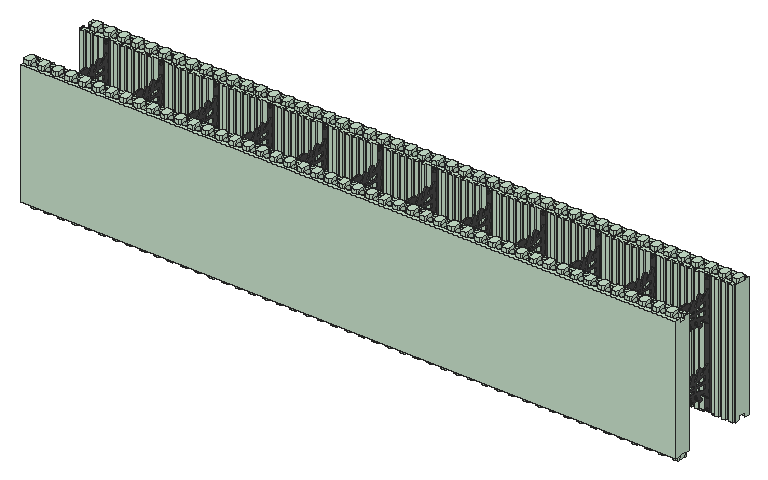
Revit family (continued)
Forms (in)
  Extrusion 100, void
    sketch origin (6, 0, 0) x (-1, 0, 0) y (0, -1, 0)
      loop
        arc (1.91675, 5.76455) -> (1.92106, 5.78736) -> (1.9334, 5.80702) r 0.0625
        arc (1.9334, 5.80702) -> (1.98276, 5.88568) -> (2, 5.97692) r 0.25
        line (2, 5.97692) -> (2, 6.89808)
        arc (2, 6.89808) -> (1.95215, 7.04517) -> (1.82692, 7.13595) r 0.25
        arc (1.82692, 7.13595) -> (1.5, 7.1875) -> (1.17308, 7.13595) r 1.0625
        arc (1.17308, 7.13595) -> (1.04785, 7.04517) -> (1, 6.89808) r 0.25
    from 0 to 0.5
  Extrusion 101, void
    sketch origin (8, 0, 0) x (-1, 0, 0) y (0, -1, 0)
      loop
        line (1, 6.89808) -> (1, 5.97692)
        arc (1, 5.97692) -> (1.04785, 5.82983) -> (1.17308, 5.73905) r 0.25
        arc (1.17308, 5.73905) -> (1.42092, 5.69045) -> (1.67323, 5.70172) r 1.0625
        arc (1.67323, 5.70172) -> (1.72385, 5.68771) -> (1.74592, 5.64005) r 0.0625
        line (1.74592, 5.64005) -> (1.74592, 5.41845) -> (1.91675, 5.41845) -> (1.91675, 5.76455)
        arc (1.91675, 5.76455) -> (1.92106, 5.78736) -> (1.9334, 5.80702) r 0.0625
        arc (1.9334, 5.80702) -> (1.98276, 5.88568) -> (2, 5.97692) r 0.25
        line (2, 5.97692) -> (2, 6.89808)
        arc (2, 6.89808) -> (1.95215, 7.04517) -> (1.82692, 7.13595) r 0.25
        arc (1.82692, 7.13595) -> (1.5, 7.1875) -> (1.17308, 7.13595) r 1.0625
        arc (1.17308, 7.13595) -> (1.04785, 7.04517) -> (1, 6.89808) r 0.25
    from 0 to 0.5
  Extrusion 102, void
    sketch origin (10, 0, 0) x (-1, 0, 0) y (0, -1, 0)
      loop
        line (1, 6.89808) -> (1, 5.97692)
        arc (1, 5.97692) -> (1.04785, 5.82983) -> (1.17308, 5.73905) r 0.25
        arc (1.17308, 5.73905) -> (1.42092, 5.69045) -> (1.67323, 5.70172) r 1.0625
        arc (1.67323, 5.70172) -> (1.72385, 5.68771) -> (1.74592, 5.64005) r 0.0625
        line (1.74592, 5.64005) -> (1.74592, 5.41845) -> (1.91675, 5.41845) -> (1.91675, 5.76455)
        arc (1.91675, 5.76455) -> (1.92106, 5.78736) -> (1.9334, 5.80702) r 0.0625
        arc (1.9334, 5.80702) -> (1.98276, 5.88568) -> (2, 5.97692) r 0.25
        line (2, 5.97692) -> (2, 6.89808)
        arc (2, 6.89808) -> (1.95215, 7.04517) -> (1.82692, 7.13595) r 0.25
        arc (1.82692, 7.13595) -> (1.5, 7.1875) -> (1.17308, 7.13595) r 1.0625
        arc (1.17308, 7.13595) -> (1.04785, 7.04517) -> (1, 6.89808) r 0.25
    from 0 to 0.5
  Extrusion 103, void
    sketch origin (12, 0, 0) x (-1, 0, 0) y (0, -1, 0)
      loop
        line (1, 6.89808) -> (1, 5.97692)
        arc (1, 5.97692) -> (1.04785, 5.82983) -> (1.17308, 5.73905) r 0.25
        arc (1.17308, 5.73905) -> (1.42092, 5.69045) -> (1.67323, 5.70172) r 1.0625
        arc (1.67323, 5.70172) -> (1.72385, 5.68771) -> (1.74592, 5.64005) r 0.0625
        line (1.74592, 5.64005) -> (1.74592, 5.41845) -> (1.91675, 5.41845) -> (1.91675, 5.76455)
        arc (1.91675, 5.76455) -> (1.92106, 5.78736) -> (1.9334, 5.80702) r 0.0625
        arc (1.9334, 5.80702) -> (1.98276, 5.88568) -> (2, 5.97692) r 0.25
        line (2, 5.97692) -> (2, 6.89808)
        arc (2, 6.89808) -> (1.95215, 7.04517) -> (1.82692, 7.13595) r 0.25
        arc (1.82692, 7.13595) -> (1.5, 7.1875) -> (1.17308, 7.13595) r 1.0625
        arc (1.17308, 7.13595) -> (1.04785, 7.04517) -> (1, 6.89808) r 0.25
    from 0 to 0.5
  Extrusion 104, void
    sketch origin (14, 0, 0) x (-1, 0, 0) y (0, -1, 0)
      loop
        line (1, 6.89808) -> (1, 5.97692)
        arc (1, 5.97692) -> (1.04785, 5.82983) -> (1.17308, 5.73905) r 0.25
        arc (1.17308, 5.73905) -> (1.42092, 5.69045) -> (1.67323, 5.70172) r 1.0625
        arc (1.67323, 5.70172) -> (1.72385, 5.68771) -> (1.74592, 5.64005) r 0.0625
        line (1.74592, 5.64005) -> (1.74592, 5.41845) -> (1.91675, 5.41845) -> (1.91675, 5.76455)
        arc (1.91675, 5.76455) -> (1.92106, 5.78736) -> (1.9334, 5.80702) r 0.0625
        arc (1.9334, 5.80702) -> (1.98276, 5.88568) -> (2, 5.97692) r 0.25
        line (2, 5.97692) -> (2, 6.89808)
        arc (2, 6.89808) -> (1.95215, 7.04517) -> (1.82692, 7.13595) r 0.25
        arc (1.82692, 7.13595) -> (1.5, 7.1875) -> (1.17308, 7.13595) r 1.0625
        arc (1.17308, 7.13595) -> (1.04785, 7.04517) -> (1, 6.89808) r 0.25
    from 0 to 0.5
  Extrusion 105, void
    sketch origin (16, 0, 0) x (-1, 0, 0) y (0, -1, 0)
      loop
        line (1, 6.89808) -> (1, 5.97692)
        arc (1, 5.97692) -> (1.04785, 5.82983) -> (1.17308, 5.73905) r 0.25
        arc (1.17308, 5.73905) -> (1.42092, 5.69045) -> (1.67323, 5.70172) r 1.0625
        arc (1.67323, 5.70172) -> (1.72385, 5.68771) -> (1.74592, 5.64005) r 0.0625
        line (1.74592, 5.64005) -> (1.74592, 5.41845) -> (1.91675, 5.41845) -> (1.91675, 5.76455)
        arc (1.91675, 5.76455) -> (1.92106, 5.78736) -> (1.9334, 5.80702) r 0.0625
        arc (1.9334, 5.80702) -> (1.98276, 5.88568) -> (2, 5.97692) r 0.25
        line (2, 5.97692) -> (2, 6.89808)
        arc (2, 6.89808) -> (1.95215, 7.04517) -> (1.82692, 7.13595) r 0.25
        arc (1.82692, 7.13595) -> (1.5, 7.1875) -> (1.17308, 7.13595) r 1.0625
        arc (1.17308, 7.13595) -> (1.04785, 7.04517) -> (1, 6.89808) r 0.25
    from 0 to 0.5
  Extrusion 106, void
    sketch origin (18, 0, 0) x (-1, 0, 0) y (0, -1, 0)
      loop
        line (1, 6.89808) -> (1, 5.97692)
        arc (1, 5.97692) -> (1.04785, 5.82983) -> (1.17308, 5.73905) r 0.25
        arc (1.17308, 5.73905) -> (1.42092, 5.69045) -> (1.67323, 5.70172) r 1.0625
        arc (1.67323, 5.70172) -> (1.72385, 5.68771) -> (1.74592, 5.64005) r 0.0625
        line (1.74592, 5.64005) -> (1.74592, 5.41845) -> (1.91675, 5.41845) -> (1.91675, 5.76455)
        arc (1.91675, 5.76455) -> (1.92106, 5.78736) -> (1.9334, 5.80702) r 0.0625
        arc (1.9334, 5.80702) -> (1.98276, 5.88568) -> (2, 5.97692) r 0.25
        line (2, 5.97692) -> (2, 6.89808)
        arc (2, 6.89808) -> (1.95215, 7.04517) -> (1.82692, 7.13595) r 0.25
        arc (1.82692, 7.13595) -> (1.5, 7.1875) -> (1.17308, 7.13595) r 1.0625
        arc (1.17308, 7.13595) -> (1.04785, 7.04517) -> (1, 6.89808) r 0.25
    from 0 to 0.5
  Extrusion 107, void
    sketch origin (20, 0, 0) x (-1, 0, 0) y (0, -1, 0)
      loop
        line (1, 6.89808) -> (1, 5.97692)
        arc (1, 5.97692) -> (1.04785, 5.82983) -> (1.17308, 5.73905) r 0.25
        arc (1.17308, 5.73905) -> (1.42092, 5.69045) -> (1.67323, 5.70172) r 1.0625
        arc (1.67323, 5.70172) -> (1.72385, 5.68771) -> (1.74592, 5.64005) r 0.0625
        line (1.74592, 5.64005) -> (1.74592, 5.41845) -> (1.91675, 5.41845) -> (1.91675, 5.76455)
        arc (1.91675, 5.76455) -> (1.92106, 5.78736) -> (1.9334, 5.80702) r 0.0625
        arc (1.9334, 5.80702) -> (1.98276, 5.88568) -> (2, 5.97692) r 0.25
        line (2, 5.97692) -> (2, 6.89808)
        arc (2, 6.89808) -> (1.95215, 7.04517) -> (1.82692, 7.13595) r 0.25
        arc (1.82692, 7.13595) -> (1.5, 7.1875) -> (1.17308, 7.13595) r 1.0625
        arc (1.17308, 7.13595) -> (1.04785, 7.04517) -> (1, 6.89808) r 0.25
    from 0 to 0.5
  Extrusion 108, void
    sketch origin (22, 0, 0) x (-1, 0, 0) y (0, -1, 0)
      loop
        line (1, 6.89808) -> (1, 5.97692)
        arc (1, 5.97692) -> (1.04785, 5.82983) -> (1.17308, 5.73905) r 0.25
        arc (1.17308, 5.73905) -> (1.42092, 5.69045) -> (1.67323, 5.70172) r 1.0625
        arc (1.67323, 5.70172) -> (1.72385, 5.68771) -> (1.74592, 5.64005) r 0.0625
        line (1.74592, 5.64005) -> (1.74592, 5.41845) -> (1.91675, 5.41845) -> (1.91675, 5.76455)
        arc (1.91675, 5.76455) -> (1.92106, 5.78736) -> (1.9334, 5.80702) r 0.0625
        arc (1.9334, 5.80702) -> (1.98276, 5.88568) -> (2, 5.97692) r 0.25
        line (2, 5.97692) -> (2, 6.89808)
        arc (2, 6.89808) -> (1.95215, 7.04517) -> (1.82692, 7.13595) r 0.25
        arc (1.82692, 7.13595) -> (1.5, 7.1875) -> (1.17308, 7.13595) r 1.0625
        arc (1.17308, 7.13595) -> (1.04785, 7.04517) -> (1, 6.89808) r 0.25
    from 0 to 0.5
  Extrusion 109, void
    sketch origin (24, 0, 0) x (-1, 0, 0) y (0, -1, 0)
      loop
        line (1, 6.89808) -> (1, 5.97692)
        arc (1, 5.97692) -> (1.04785, 5.82983) -> (1.17308, 5.73905) r 0.25
        arc (1.17308, 5.73905) -> (1.42092, 5.69045) -> (1.67323, 5.70172) r 1.0625
        arc (1.67323, 5.70172) -> (1.72385, 5.68771) -> (1.74592, 5.64005) r 0.0625
        line (1.74592, 5.64005) -> (1.74592, 5.41845) -> (1.91675, 5.41845) -> (1.91675, 5.76455)
        arc (1.91675, 5.76455) -> (1.92106, 5.78736) -> (1.9334, 5.80702) r 0.0625
        arc (1.9334, 5.80702) -> (1.98276, 5.88568) -> (2, 5.97692) r 0.25
        line (2, 5.97692) -> (2, 6.89808)
        arc (2, 6.89808) -> (1.95215, 7.04517) -> (1.82692, 7.13595) r 0.25
        arc (1.82692, 7.13595) -> (1.5, 7.1875) -> (1.17308, 7.13595) r 1.0625
        arc (1.17308, 7.13595) -> (1.04785, 7.04517) -> (1, 6.89808) r 0.25
    from 0 to 0.5
  Extrusion 110, void
    sketch origin (26, 0, 0) x (-1, 0, 0) y (0, -1, 0)
      loop
        line (1, 6.89808) -> (1, 5.97692)
        arc (1, 5.97692) -> (1.04785, 5.82983) -> (1.17308, 5.73905) r 0.25
        arc (1.17308, 5.73905) -> (1.42092, 5.69045) -> (1.67323, 5.70172) r 1.0625
        arc (1.67323, 5.70172) -> (1.72385, 5.68771) -> (1.74592, 5.64005) r 0.0625
        line (1.74592, 5.64005) -> (1.74592, 5.41845) -> (1.91675, 5.41845) -> (1.91675, 5.76455)
        arc (1.91675, 5.76455) -> (1.92106, 5.78736) -> (1.9334, 5.80702) r 0.0625
        arc (1.9334, 5.80702) -> (1.98276, 5.88568) -> (2, 5.97692) r 0.25
        line (2, 5.97692) -> (2, 6.89808)
        arc (2, 6.89808) -> (1.95215, 7.04517) -> (1.82692, 7.13595) r 0.25
        arc (1.82692, 7.13595) -> (1.5, 7.1875) -> (1.17308, 7.13595) r 1.0625
        arc (1.17308, 7.13595) -> (1.04785, 7.04517) -> (1, 6.89808) r 0.25
    from 0 to 0.5
  Extrusion 111, void
    sketch origin (28, 0, 0) x (-1, 0, 0) y (0, -1, 0)
      loop
        line (1, 6.89808) -> (1, 5.97692)
        arc (1, 5.97692) -> (1.04785, 5.82983) -> (1.17308, 5.73905) r 0.25
        arc (1.17308, 5.73905) -> (1.42092, 5.69045) -> (1.67323, 5.70172) r 1.0625
        arc (1.67323, 5.70172) -> (1.72385, 5.68771) -> (1.74592, 5.64005) r 0.0625
        line (1.74592, 5.64005) -> (1.74592, 5.41845) -> (1.91675, 5.41845) -> (1.91675, 5.76455)
        arc (1.91675, 5.76455) -> (1.92106, 5.78736) -> (1.9334, 5.80702) r 0.0625
        arc (1.9334, 5.80702) -> (1.98276, 5.88568) -> (2, 5.97692) r 0.25
        line (2, 5.97692) -> (2, 6.89808)
        arc (2, 6.89808) -> (1.95215, 7.04517) -> (1.82692, 7.13595) r 0.25
        arc (1.82692, 7.13595) -> (1.5, 7.1875) -> (1.17308, 7.13595) r 1.0625
        arc (1.17308, 7.13595) -> (1.04785, 7.04517) -> (1, 6.89808) r 0.25
    from 0 to 0.5
  Extrusion 112, void
    sketch origin (30, 0, 0) x (-1, 0, 0) y (0, -1, 0)
      loop
        line (1, 6.89808) -> (1, 5.97692)
        arc (1, 5.97692) -> (1.04785, 5.82983) -> (1.17308, 5.73905) r 0.25
        arc (1.17308, 5.73905) -> (1.42092, 5.69045) -> (1.67323, 5.70172) r 1.0625
        arc (1.67323, 5.70172) -> (1.72385, 5.68771) -> (1.74592, 5.64005) r 0.0625
        line (1.74592, 5.64005) -> (1.74592, 5.41845) -> (1.91675, 5.41845) -> (1.91675, 5.76455)
        arc (1.91675, 5.76455) -> (1.92106, 5.78736) -> (1.9334, 5.80702) r 0.0625
        arc (1.9334, 5.80702) -> (1.98276, 5.88568) -> (2, 5.97692) r 0.25
        line (2, 5.97692) -> (2, 6.89808)
        arc (2, 6.89808) -> (1.95215, 7.04517) -> (1.82692, 7.13595) r 0.25
        arc (1.82692, 7.13595) -> (1.5, 7.1875) -> (1.17308, 7.13595) r 1.0625
        arc (1.17308, 7.13595) -> (1.04785, 7.04517) -> (1, 6.89808) r 0.25
    from 0 to 0.5
  Extrusion 113, void
    sketch origin (32, 0, 0) x (-1, 0, 0) y (0, -1, 0)
      loop
        line (1, 6.89808) -> (1, 5.97692)
        arc (1, 5.97692) -> (1.04785, 5.82983) -> (1.17308, 5.73905) r 0.25
        arc (1.17308, 5.73905) -> (1.42092, 5.69045) -> (1.67323, 5.70172) r 1.0625
        arc (1.67323, 5.70172) -> (1.72385, 5.68771) -> (1.74592, 5.64005) r 0.0625
        line (1.74592, 5.64005) -> (1.74592, 5.41845) -> (1.91675, 5.41845) -> (1.91675, 5.76455)
        arc (1.91675, 5.76455) -> (1.92106, 5.78736) -> (1.9334, 5.80702) r 0.0625
        arc (1.9334, 5.80702) -> (1.98276, 5.88568) -> (2, 5.97692) r 0.25
        line (2, 5.97692) -> (2, 6.89808)
        arc (2, 6.89808) -> (1.95215, 7.04517) -> (1.82692, 7.13595) r 0.25
        arc (1.82692, 7.13595) -> (1.5, 7.1875) -> (1.17308, 7.13595) r 1.0625
        arc (1.17308, 7.13595) -> (1.04785, 7.04517) -> (1, 6.89808) r 0.25
    from 0 to 0.5
  Extrusion 114, void
    sketch origin (34, 0, 0) x (-1, 0, 0) y (0, -1, 0)
      loop
        line (1, 6.89808) -> (1, 5.97692)
        arc (1, 5.97692) -> (1.04785, 5.82983) -> (1.17308, 5.73905) r 0.25
        arc (1.17308, 5.73905) -> (1.42092, 5.69045) -> (1.67323, 5.70172) r 1.0625
        arc (1.67323, 5.70172) -> (1.72385, 5.68771) -> (1.74592, 5.64005) r 0.0625
        line (1.74592, 5.64005) -> (1.74592, 5.41845) -> (1.91675, 5.41845) -> (1.91675, 5.76455)
        arc (1.91675, 5.76455) -> (1.92106, 5.78736) -> (1.9334, 5.80702) r 0.0625
        arc (1.9334, 5.80702) -> (1.98276, 5.88568) -> (2, 5.97692) r 0.25
        line (2, 5.97692) -> (2, 6.89808)
        arc (2, 6.89808) -> (1.95215, 7.04517) -> (1.82692, 7.13595) r 0.25
        arc (1.82692, 7.13595) -> (1.5, 7.1875) -> (1.17308, 7.13595) r 1.0625
        arc (1.17308, 7.13595) -> (1.04785, 7.04517) -> (1, 6.89808) r 0.25
    from 0 to 0.5
  Extrusion 115, void
    sketch origin (36, 0, 0) x (-1, 0, 0) y (0, -1, 0)
      loop
        line (1, 6.89808) -> (1, 5.97692)
        arc (1, 5.97692) -> (1.04785, 5.82983) -> (1.17308, 5.73905) r 0.25
        arc (1.17308, 5.73905) -> (1.42092, 5.69045) -> (1.67323, 5.70172) r 1.0625
        arc (1.67323, 5.70172) -> (1.72385, 5.68771) -> (1.74592, 5.64005) r 0.0625
        line (1.74592, 5.64005) -> (1.74592, 5.41845) -> (1.91675, 5.41845) -> (1.91675, 5.76455)
        arc (1.91675, 5.76455) -> (1.92106, 5.78736) -> (1.9334, 5.80702) r 0.0625
        arc (1.9334, 5.80702) -> (1.98276, 5.88568) -> (2, 5.97692) r 0.25
        line (2, 5.97692) -> (2, 6.89808)
        arc (2, 6.89808) -> (1.95215, 7.04517) -> (1.82692, 7.13595) r 0.25
        arc (1.82692, 7.13595) -> (1.5, 7.1875) -> (1.17308, 7.13595) r 1.0625
        arc (1.17308, 7.13595) -> (1.04785, 7.04517) -> (1, 6.89808) r 0.25
    from 0 to 0.5
  Extrusion 116, void
    sketch origin (38, 0, 0) x (-1, 0, 0) y (0, -1, 0)
      loop
        line (1, 6.89808) -> (1, 5.97692)
        arc (1, 5.97692) -> (1.04785, 5.82983) -> (1.17308, 5.73905) r 0.25
        arc (1.17308, 5.73905) -> (1.42092, 5.69045) -> (1.67323, 5.70172) r 1.0625
        arc (1.67323, 5.70172) -> (1.72385, 5.68771) -> (1.74592, 5.64005) r 0.0625
        line (1.74592, 5.64005) -> (1.74592, 5.41845) -> (1.91675, 5.41845) -> (1.91675, 5.76455)
        arc (1.91675, 5.76455) -> (1.92106, 5.78736) -> (1.9334, 5.80702) r 0.0625
        arc (1.9334, 5.80702) -> (1.98276, 5.88568) -> (2, 5.97692) r 0.25
        line (2, 5.97692) -> (2, 6.89808)
        arc (2, 6.89808) -> (1.95215, 7.04517) -> (1.82692, 7.13595) r 0.25
        arc (1.82692, 7.13595) -> (1.5, 7.1875) -> (1.17308, 7.13595) r 1.0625
        arc (1.17308, 7.13595) -> (1.04785, 7.04517) -> (1, 6.89808) r 0.25
    from 0 to 0.5
  Extrusion 117, void
    sketch origin (40, 0, 0) x (-1, 0, 0) y (0, -1, 0)
      loop
        line (1, 6.89808) -> (1, 5.97692)
        arc (1, 5.97692) -> (1.04785, 5.82983) -> (1.17308, 5.73905) r 0.25
        arc (1.17308, 5.73905) -> (1.42092, 5.69045) -> (1.67323, 5.70172) r 1.0625
        arc (1.67323, 5.70172) -> (1.72385, 5.68771) -> (1.74592, 5.64005) r 0.0625
        line (1.74592, 5.64005) -> (1.74592, 5.41845) -> (1.91675, 5.41845) -> (1.91675, 5.76455)
        arc (1.91675, 5.76455) -> (1.92106, 5.78736) -> (1.9334, 5.80702) r 0.0625
        arc (1.9334, 5.80702) -> (1.98276, 5.88568) -> (2, 5.97692) r 0.25
        line (2, 5.97692) -> (2, 6.89808)
        arc (2, 6.89808) -> (1.95215, 7.04517) -> (1.82692, 7.13595) r 0.25
        arc (1.82692, 7.13595) -> (1.5, 7.1875) -> (1.17308, 7.13595) r 1.0625
        arc (1.17308, 7.13595) -> (1.04785, 7.04517) -> (1, 6.89808) r 0.25
    from 0 to 0.5
  Extrusion 118, void
    sketch origin (42, 0, 0) x (-1, 0, 0) y (0, -1, 0)
      loop
        line (1, 6.89808) -> (1, 5.97692)
        arc (1, 5.97692) -> (1.04785, 5.82983) -> (1.17308, 5.73905) r 0.25
        arc (1.17308, 5.73905) -> (1.42092, 5.69045) -> (1.67323, 5.70172) r 1.0625
        arc (1.67323, 5.70172) -> (1.72385, 5.68771) -> (1.74592, 5.64005) r 0.0625
        line (1.74592, 5.64005) -> (1.74592, 5.41845) -> (1.91675, 5.41845) -> (1.91675, 5.76455)
        arc (1.91675, 5.76455) -> (1.92106, 5.78736) -> (1.9334, 5.80702) r 0.0625
        arc (1.9334, 5.80702) -> (1.98276, 5.88568) -> (2, 5.97692) r 0.25
        line (2, 5.97692) -> (2, 6.89808)
        arc (2, 6.89808) -> (1.95215, 7.04517) -> (1.82692, 7.13595) r 0.25
        arc (1.82692, 7.13595) -> (1.5, 7.1875) -> (1.17308, 7.13595) r 1.0625
        arc (1.17308, 7.13595) -> (1.04785, 7.04517) -> (1, 6.89808) r 0.25
    from 0 to 0.5
  Extrusion 119, void
    sketch origin (44, 0, 0) x (-1, 0, 0) y (0, -1, 0)
      loop
        line (1, 6.89808) -> (1, 5.97692)
        arc (1, 5.97692) -> (1.04785, 5.82983) -> (1.17308, 5.73905) r 0.25
        arc (1.17308, 5.73905) -> (1.42092, 5.69045) -> (1.67323, 5.70172) r 1.0625
        arc (1.67323, 5.70172) -> (1.72385, 5.68771) -> (1.74592, 5.64005) r 0.0625
        line (1.74592, 5.64005) -> (1.74592, 5.41845) -> (1.91675, 5.41845) -> (1.91675, 5.76455)
        arc (1.91675, 5.76455) -> (1.92106, 5.78736) -> (1.9334, 5.80702) r 0.0625
        arc (1.9334, 5.80702) -> (1.98276, 5.88568) -> (2, 5.97692) r 0.25
        line (2, 5.97692) -> (2, 6.89808)
        arc (2, 6.89808) -> (1.95215, 7.04517) -> (1.82692, 7.13595) r 0.25
        arc (1.82692, 7.13595) -> (1.5, 7.1875) -> (1.17308, 7.13595) r 1.0625
        arc (1.17308, 7.13595) -> (1.04785, 7.04517) -> (1, 6.89808) r 0.25
    from 0 to 0.5
  Extrusion 120, void
    sketch origin (46, 0, 0) x (-1, 0, 0) y (0, -1, 0)
      loop
        line (1, 6.89808) -> (1, 5.97692)
        arc (1, 5.97692) -> (1.04785, 5.82983) -> (1.17308, 5.73905) r 0.25
        arc (1.17308, 5.73905) -> (1.42092, 5.69045) -> (1.67323, 5.70172) r 1.0625
        arc (1.67323, 5.70172) -> (1.72385, 5.68771) -> (1.74592, 5.64005) r 0.0625
        line (1.74592, 5.64005) -> (1.74592, 5.41845) -> (1.91675, 5.41845) -> (1.91675, 5.76455)
        arc (1.91675, 5.76455) -> (1.92106, 5.78736) -> (1.9334, 5.80702) r 0.0625
        arc (1.9334, 5.80702) -> (1.98276, 5.88568) -> (2, 5.97692) r 0.25
        line (2, 5.97692) -> (2, 6.89808)
        arc (2, 6.89808) -> (1.95215, 7.04517) -> (1.82692, 7.13595) r 0.25
        arc (1.82692, 7.13595) -> (1.5, 7.1875) -> (1.17308, 7.13595) r 1.0625
        arc (1.17308, 7.13595) -> (1.04785, 7.04517) -> (1, 6.89808) r 0.25
    from 0 to 0.5
  Extrusion 121, void
    sketch origin (48, 0, 0) x (-1, 0, 0) y (0, -1, 0)
      loop
        line (1, 6.89808) -> (1, 5.97692)
        arc (1, 5.97692) -> (1.04785, 5.82983) -> (1.17308, 5.73905) r 0.25
        arc (1.17308, 5.73905) -> (1.42092, 5.69045) -> (1.67323, 5.70172) r 1.0625
        arc (1.67323, 5.70172) -> (1.72385, 5.68771) -> (1.74592, 5.64005) r 0.0625
        line (1.74592, 5.64005) -> (1.74592, 5.41845) -> (1.91675, 5.41845) -> (1.91675, 5.76455)
        arc (1.91675, 5.76455) -> (1.92106, 5.78736) -> (1.9334, 5.80702) r 0.0625
        arc (1.9334, 5.80702) -> (1.98276, 5.88568) -> (2, 5.97692) r 0.25
        line (2, 5.97692) -> (2, 6.89808)
        arc (2, 6.89808) -> (1.95215, 7.04517) -> (1.82692, 7.13595) r 0.25
        arc (1.82692, 7.13595) -> (1.5, 7.1875) -> (1.17308, 7.13595) r 1.0625
        arc (1.17308, 7.13595) -> (1.04785, 7.04517) -> (1, 6.89808) r 0.25
    from 0 to 0.5
  Extrusion 122, void
    sketch origin (50, 0, 0) x (-1, 0, 0) y (0, -1, 0)
      loop
        line (1, 6.89808) -> (1, 5.97692)
        arc (1, 5.97692) -> (1.04785, 5.82983) -> (1.17308, 5.73905) r 0.25
        arc (1.17308, 5.73905) -> (1.42092, 5.69045) -> (1.67323, 5.70172) r 1.0625
        arc (1.67323, 5.70172) -> (1.72385, 5.68771) -> (1.74592, 5.64005) r 0.0625
        line (1.74592, 5.64005) -> (1.74592, 5.41845) -> (1.91675, 5.41845) -> (1.91675, 5.76455)
        arc (1.91675, 5.76455) -> (1.92106, 5.78736) -> (1.9334, 5.80702) r 0.0625
        arc (1.9334, 5.80702) -> (1.98276, 5.88568) -> (2, 5.97692) r 0.25
        line (2, 5.97692) -> (2, 6.89808)
        arc (2, 6.89808) -> (1.95215, 7.04517) -> (1.82692, 7.13595) r 0.25
        arc (1.82692, 7.13595) -> (1.5, 7.1875) -> (1.17308, 7.13595) r 1.0625
        arc (1.17308, 7.13595) -> (1.04785, 7.04517) -> (1, 6.89808) r 0.25
    from 0 to 0.5
  Extrusion 123, void
    sketch origin (52, 0, 0) x (-1, 0, 0) y (0, -1, 0)
      loop
        line (1, 6.89808) -> (1, 5.97692)
        arc (1, 5.97692) -> (1.04785, 5.82983) -> (1.17308, 5.73905) r 0.25
        arc (1.17308, 5.73905) -> (1.42092, 5.69045) -> (1.67323, 5.70172) r 1.0625
        arc (1.67323, 5.70172) -> (1.72385, 5.68771) -> (1.74592, 5.64005) r 0.0625
        line (1.74592, 5.64005) -> (1.74592, 5.41845) -> (1.91675, 5.41845) -> (1.91675, 5.76455)
        arc (1.91675, 5.76455) -> (1.92106, 5.78736) -> (1.9334, 5.80702) r 0.0625
        arc (1.9334, 5.80702) -> (1.98276, 5.88568) -> (2, 5.97692) r 0.25
        line (2, 5.97692) -> (2, 6.89808)
        arc (2, 6.89808) -> (1.95215, 7.04517) -> (1.82692, 7.13595) r 0.25
        arc (1.82692, 7.13595) -> (1.5, 7.1875) -> (1.17308, 7.13595) r 1.0625
        arc (1.17308, 7.13595) -> (1.04785, 7.04517) -> (1, 6.89808) r 0.25
    from 0 to 0.5
  Extrusion 124, void
    sketch origin (54, 0, 0) x (-1, 0, 0) y (0, -1, 0)
      loop
        line (1, 6.89808) -> (1, 5.97692)
        arc (1, 5.97692) -> (1.04785, 5.82983) -> (1.17308, 5.73905) r 0.25
        arc (1.17308, 5.73905) -> (1.42092, 5.69045) -> (1.67323, 5.70172) r 1.0625
        arc (1.67323, 5.70172) -> (1.72385, 5.68771) -> (1.74592, 5.64005) r 0.0625
        line (1.74592, 5.64005) -> (1.74592, 5.41845) -> (1.91675, 5.41845) -> (1.91675, 5.76455)
        arc (1.91675, 5.76455) -> (1.92106, 5.78736) -> (1.9334, 5.80702) r 0.0625
        arc (1.9334, 5.80702) -> (1.98276, 5.88568) -> (2, 5.97692) r 0.25
        line (2, 5.97692) -> (2, 6.89808)
        arc (2, 6.89808) -> (1.95215, 7.04517) -> (1.82692, 7.13595) r 0.25
        arc (1.82692, 7.13595) -> (1.5, 7.1875) -> (1.17308, 7.13595) r 1.0625
        arc (1.17308, 7.13595) -> (1.04785, 7.04517) -> (1, 6.89808) r 0.25
    from 0 to 0.5
  Extrusion 125, void
    sketch origin (56, 0, 0) x (-1, 0, 0) y (0, -1, 0)
      loop
        line (1, 6.89808) -> (1, 5.97692)
        arc (1, 5.97692) -> (1.04785, 5.82983) -> (1.17308, 5.73905) r 0.25
        arc (1.17308, 5.73905) -> (1.42092, 5.69045) -> (1.67323, 5.70172) r 1.0625
        arc (1.67323, 5.70172) -> (1.72385, 5.68771) -> (1.74592, 5.64005) r 0.0625
        line (1.74592, 5.64005) -> (1.74592, 5.41845) -> (1.91675, 5.41845) -> (1.91675, 5.76455)
        arc (1.91675, 5.76455) -> (1.92106, 5.78736) -> (1.9334, 5.80702) r 0.0625
        arc (1.9334, 5.80702) -> (1.98276, 5.88568) -> (2, 5.97692) r 0.25
        line (2, 5.97692) -> (2, 6.89808)
        arc (2, 6.89808) -> (1.95215, 7.04517) -> (1.82692, 7.13595) r 0.25
        arc (1.82692, 7.13595) -> (1.5, 7.1875) -> (1.17308, 7.13595) r 1.0625
        arc (1.17308, 7.13595) -> (1.04785, 7.04517) -> (1, 6.89808) r 0.25
    from 0 to 0.5
  Extrusion 126, void
    sketch origin (58, 0, 0) x (-1, 0, 0) y (0, -1, 0)
      loop
        line (1, 6.89808) -> (1, 5.97692)
        arc (1, 5.97692) -> (1.04785, 5.82983) -> (1.17308, 5.73905) r 0.25
        arc (1.17308, 5.73905) -> (1.42092, 5.69045) -> (1.67323, 5.70172) r 1.0625
        arc (1.67323, 5.70172) -> (1.72385, 5.68771) -> (1.74592, 5.64005) r 0.0625
        line (1.74592, 5.64005) -> (1.74592, 5.41845) -> (1.91675, 5.41845) -> (1.91675, 5.76455)
        arc (1.91675, 5.76455) -> (1.92106, 5.78736) -> (1.9334, 5.80702) r 0.0625
        arc (1.9334, 5.80702) -> (1.98276, 5.88568) -> (2, 5.97692) r 0.25
        line (2, 5.97692) -> (2, 6.89808)
        arc (2, 6.89808) -> (1.95215, 7.04517) -> (1.82692, 7.13595) r 0.25
        arc (1.82692, 7.13595) -> (1.5, 7.1875) -> (1.17308, 7.13595) r 1.0625
        arc (1.17308, 7.13595) -> (1.04785, 7.04517) -> (1, 6.89808) r 0.25
    from 0 to 0.5
  Extrusion 127, void
    sketch origin (60, 0, 0) x (-1, 0, 0) y (0, -1, 0)
      loop
        line (1, 6.89808) -> (1, 5.97692)
        arc (1, 5.97692) -> (1.04785, 5.82983) -> (1.17308, 5.73905) r 0.25
        arc (1.17308, 5.73905) -> (1.42092, 5.69045) -> (1.67323, 5.70172) r 1.0625
        arc (1.67323, 5.70172) -> (1.72385, 5.68771) -> (1.74592, 5.64005) r 0.0625
        line (1.74592, 5.64005) -> (1.74592, 5.41845) -> (1.91675, 5.41845) -> (1.91675, 5.76455)
        arc (1.91675, 5.76455) -> (1.92106, 5.78736) -> (1.9334, 5.80702) r 0.0625
        arc (1.9334, 5.80702) -> (1.98276, 5.88568) -> (2, 5.97692) r 0.25
        line (2, 5.97692) -> (2, 6.89808)
        arc (2, 6.89808) -> (1.95215, 7.04517) -> (1.82692, 7.13595) r 0.25
        arc (1.82692, 7.13595) -> (1.5, 7.1875) -> (1.17308, 7.13595) r 1.0625
        arc (1.17308, 7.13595) -> (1.04785, 7.04517) -> (1, 6.89808) r 0.25
    from 0 to 0.5
  Extrusion 128, void
    sketch origin (62, 0, 0) x (-1, 0, 0) y (0, -1, 0)
      loop
        line (1, 6.89808) -> (1, 5.97692)
        arc (1, 5.97692) -> (1.04785, 5.82983) -> (1.17308, 5.73905) r 0.25
        arc (1.17308, 5.73905) -> (1.42092, 5.69045) -> (1.67323, 5.70172) r 1.0625
        arc (1.67323, 5.70172) -> (1.72385, 5.68771) -> (1.74592, 5.64005) r 0.0625
        line (1.74592, 5.64005) -> (1.74592, 5.41845) -> (1.91675, 5.41845) -> (1.91675, 5.76455)
        arc (1.91675, 5.76455) -> (1.92106, 5.78736) -> (1.9334, 5.80702) r 0.0625
        arc (1.9334, 5.80702) -> (1.98276, 5.88568) -> (2, 5.97692) r 0.25
        line (2, 5.97692) -> (2, 6.89808)
        arc (2, 6.89808) -> (1.95215, 7.04517) -> (1.82692, 7.13595) r 0.25
        arc (1.82692, 7.13595) -> (1.5, 7.1875) -> (1.17308, 7.13595) r 1.0625
        arc (1.17308, 7.13595) -> (1.04785, 7.04517) -> (1, 6.89808) r 0.25
    from 0 to 0.5
  Extrusion 129, void
    sketch origin (64, 0, 0) x (-1, 0, 0) y (0, -1, 0)
      loop
        line (1, 6.89808) -> (1, 5.97692)
        arc (1, 5.97692) -> (1.04785, 5.82983) -> (1.17308, 5.73905) r 0.25
        arc (1.17308, 5.73905) -> (1.42092, 5.69045) -> (1.67323, 5.70172) r 1.0625
        arc (1.67323, 5.70172) -> (1.72385, 5.68771) -> (1.74592, 5.64005) r 0.0625
        line (1.74592, 5.64005) -> (1.74592, 5.41845) -> (1.91675, 5.41845) -> (1.91675, 5.76455)
        arc (1.91675, 5.76455) -> (1.92106, 5.78736) -> (1.9334, 5.80702) r 0.0625
        arc (1.9334, 5.80702) -> (1.98276, 5.88568) -> (2, 5.97692) r 0.25
        line (2, 5.97692) -> (2, 6.89808)
        arc (2, 6.89808) -> (1.95215, 7.04517) -> (1.82692, 7.13595) r 0.25
        arc (1.82692, 7.13595) -> (1.5, 7.1875) -> (1.17308, 7.13595) r 1.0625
        arc (1.17308, 7.13595) -> (1.04785, 7.04517) -> (1, 6.89808) r 0.25
    from 0 to 0.5
  Extrusion 130, void
    sketch origin (66, 0, 0) x (-1, 0, 0) y (0, -1, 0)
      loop
        line (1, 6.89808) -> (1, 5.97692)
        arc (1, 5.97692) -> (1.04785, 5.82983) -> (1.17308, 5.73905) r 0.25
        arc (1.17308, 5.73905) -> (1.42092, 5.69045) -> (1.67323, 5.70172) r 1.0625
        arc (1.67323, 5.70172) -> (1.72385, 5.68771) -> (1.74592, 5.64005) r 0.0625
        line (1.74592, 5.64005) -> (1.74592, 5.41845) -> (1.91675, 5.41845) -> (1.91675, 5.76455)
        arc (1.91675, 5.76455) -> (1.92106, 5.78736) -> (1.9334, 5.80702) r 0.0625
        arc (1.9334, 5.80702) -> (1.98276, 5.88568) -> (2, 5.97692) r 0.25
        line (2, 5.97692) -> (2, 6.89808)
        arc (2, 6.89808) -> (1.95215, 7.04517) -> (1.82692, 7.13595) r 0.25
        arc (1.82692, 7.13595) -> (1.5, 7.1875) -> (1.17308, 7.13595) r 1.0625
        arc (1.17308, 7.13595) -> (1.04785, 7.04517) -> (1, 6.89808) r 0.25
    from 0 to 0.5
  Extrusion 131, void
    sketch origin (68, 0, 0) x (-1, 0, 0) y (0, -1, 0)
      loop
        line (1, 6.89808) -> (1, 5.97692)
        arc (1, 5.97692) -> (1.04785, 5.82983) -> (1.17308, 5.73905) r 0.25
        arc (1.17308, 5.73905) -> (1.42092, 5.69045) -> (1.67323, 5.70172) r 1.0625
        arc (1.67323, 5.70172) -> (1.72385, 5.68771) -> (1.74592, 5.64005) r 0.0625
        line (1.74592, 5.64005) -> (1.74592, 5.41845) -> (1.91675, 5.41845) -> (1.91675, 5.76455)
        arc (1.91675, 5.76455) -> (1.92106, 5.78736) -> (1.9334, 5.80702) r 0.0625
        arc (1.9334, 5.80702) -> (1.98276, 5.88568) -> (2, 5.97692) r 0.25
        line (2, 5.97692) -> (2, 6.89808)
        arc (2, 6.89808) -> (1.95215, 7.04517) -> (1.82692, 7.13595) r 0.25
        arc (1.82692, 7.13595) -> (1.5, 7.1875) -> (1.17308, 7.13595) r 1.0625
        arc (1.17308, 7.13595) -> (1.04785, 7.04517) -> (1, 6.89808) r 0.25
    from 0 to 0.5
  Extrusion 132, void
    sketch origin (70, 0, 0) x (-1, 0, 0) y (0, -1, 0)
      loop
        line (1, 6.89808) -> (1, 5.97692)
        arc (1, 5.97692) -> (1.04785, 5.82983) -> (1.17308, 5.73905) r 0.25
        arc (1.17308, 5.73905) -> (1.42092, 5.69045) -> (1.67323, 5.70172) r 1.0625
        arc (1.67323, 5.70172) -> (1.72385, 5.68771) -> (1.74592, 5.64005) r 0.0625
        line (1.74592, 5.64005) -> (1.74592, 5.41845) -> (1.91675, 5.41845) -> (1.91675, 5.76455)
        arc (1.91675, 5.76455) -> (1.92106, 5.78736) -> (1.9334, 5.80702) r 0.0625
        arc (1.9334, 5.80702) -> (1.98276, 5.88568) -> (2, 5.97692) r 0.25
        line (2, 5.97692) -> (2, 6.89808)
        arc (2, 6.89808) -> (1.95215, 7.04517) -> (1.82692, 7.13595) r 0.25
        arc (1.82692, 7.13595) -> (1.5, 7.1875) -> (1.17308, 7.13595) r 1.0625
        arc (1.17308, 7.13595) -> (1.04785, 7.04517) -> (1, 6.89808) r 0.25
    from 0 to 0.5
  Extrusion 133, void
    sketch origin (72, 0, 0) x (-1, 0, 0) y (0, -1, 0)
      loop
        line (1, 6.89808) -> (1, 5.97692)
        arc (1, 5.97692) -> (1.04785, 5.82983) -> (1.17308, 5.73905) r 0.25
        arc (1.17308, 5.73905) -> (1.42092, 5.69045) -> (1.67323, 5.70172) r 1.0625
        arc (1.67323, 5.70172) -> (1.72385, 5.68771) -> (1.74592, 5.64005) r 0.0625
        line (1.74592, 5.64005) -> (1.74592, 5.41845) -> (1.91675, 5.41845) -> (1.91675, 5.76455)
        arc (1.91675, 5.76455) -> (1.92106, 5.78736) -> (1.9334, 5.80702) r 0.0625
        arc (1.9334, 5.80702) -> (1.98276, 5.88568) -> (2, 5.97692) r 0.25
        line (2, 5.97692) -> (2, 6.89808)
        arc (2, 6.89808) -> (1.95215, 7.04517) -> (1.82692, 7.13595) r 0.25
        arc (1.82692, 7.13595) -> (1.5, 7.1875) -> (1.17308, 7.13595) r 1.0625
        arc (1.17308, 7.13595) -> (1.04785, 7.04517) -> (1, 6.89808) r 0.25
    from 0 to 0.5
  Extrusion 134, void
    sketch origin (74, 0, 0) x (-1, 0, 0) y (0, -1, 0)
      loop
        line (1, 6.89808) -> (1, 5.97692)
        arc (1, 5.97692) -> (1.04785, 5.82983) -> (1.17308, 5.73905) r 0.25
        arc (1.17308, 5.73905) -> (1.42092, 5.69045) -> (1.67323, 5.70172) r 1.0625
        arc (1.67323, 5.70172) -> (1.72385, 5.68771) -> (1.74592, 5.64005) r 0.0625
        line (1.74592, 5.64005) -> (1.74592, 5.41845) -> (1.91675, 5.41845) -> (1.91675, 5.76455)
        arc (1.91675, 5.76455) -> (1.92106, 5.78736) -> (1.9334, 5.80702) r 0.0625
        arc (1.9334, 5.80702) -> (1.98276, 5.88568) -> (2, 5.97692) r 0.25
        line (2, 5.97692) -> (2, 6.89808)
        arc (2, 6.89808) -> (1.95215, 7.04517) -> (1.82692, 7.13595) r 0.25
        arc (1.82692, 7.13595) -> (1.5, 7.1875) -> (1.17308, 7.13595) r 1.0625
        arc (1.17308, 7.13595) -> (1.04785, 7.04517) -> (1, 6.89808) r 0.25
    from 0 to 0.5
  Extrusion 135, void
    sketch origin (76, 0, 0) x (-1, 0, 0) y (0, -1, 0)
      loop
        line (1, 6.89808) -> (1, 5.97692)
        arc (1, 5.97692) -> (1.04785, 5.82983) -> (1.17308, 5.73905) r 0.25
        arc (1.17308, 5.73905) -> (1.42092, 5.69045) -> (1.67323, 5.70172) r 1.0625
        arc (1.67323, 5.70172) -> (1.72385, 5.68771) -> (1.74592, 5.64005) r 0.0625
        line (1.74592, 5.64005) -> (1.74592, 5.41845) -> (1.91675, 5.41845) -> (1.91675, 5.76455)
        arc (1.91675, 5.76455) -> (1.92106, 5.78736) -> (1.9334, 5.80702) r 0.0625
        arc (1.9334, 5.80702) -> (1.98276, 5.88568) -> (2, 5.97692) r 0.25
        line (2, 5.97692) -> (2, 6.89808)
        arc (2, 6.89808) -> (1.95215, 7.04517) -> (1.82692, 7.13595) r 0.25
        arc (1.82692, 7.13595) -> (1.5, 7.1875) -> (1.17308, 7.13595) r 1.0625
        arc (1.17308, 7.13595) -> (1.04785, 7.04517) -> (1, 6.89808) r 0.25
    from 0 to 0.5
  Extrusion 136, void
    sketch origin (78, 0, 0) x (-1, 0, 0) y (0, -1, 0)
      loop
        line (1, 6.89808) -> (1, 5.97692)
        arc (1, 5.97692) -> (1.04785, 5.82983) -> (1.17308, 5.73905) r 0.25
        arc (1.17308, 5.73905) -> (1.42092, 5.69045) -> (1.67323, 5.70172) r 1.0625
        arc (1.67323, 5.70172) -> (1.72385, 5.68771) -> (1.74592, 5.64005) r 0.0625
        line (1.74592, 5.64005) -> (1.74592, 5.41845) -> (1.91675, 5.41845) -> (1.91675, 5.76455)
        arc (1.91675, 5.76455) -> (1.92106, 5.78736) -> (1.9334, 5.80702) r 0.0625
        arc (1.9334, 5.80702) -> (1.98276, 5.88568) -> (2, 5.97692) r 0.25
        line (2, 5.97692) -> (2, 6.89808)
        arc (2, 6.89808) -> (1.95215, 7.04517) -> (1.82692, 7.13595) r 0.25
        arc (1.82692, 7.13595) -> (1.5, 7.1875) -> (1.17308, 7.13595) r 1.0625
        arc (1.17308, 7.13595) -> (1.04785, 7.04517) -> (1, 6.89808) r 0.25
    from 0 to 0.5
  Extrusion 137, void
    sketch origin (80, 0, 0) x (-1, 0, 0) y (0, -1, 0)
      loop
        line (1, 6.89808) -> (1, 5.97692)
        arc (1, 5.97692) -> (1.04785, 5.82983) -> (1.17308, 5.73905) r 0.25
        arc (1.17308, 5.73905) -> (1.42092, 5.69045) -> (1.67323, 5.70172) r 1.0625
        arc (1.67323, 5.70172) -> (1.72385, 5.68771) -> (1.74592, 5.64005) r 0.0625
        line (1.74592, 5.64005) -> (1.74592, 5.41845) -> (1.91675, 5.41845) -> (1.91675, 5.76455)
        arc (1.91675, 5.76455) -> (1.92106, 5.78736) -> (1.9334, 5.80702) r 0.0625
        arc (1.9334, 5.80702) -> (1.98276, 5.88568) -> (2, 5.97692) r 0.25
        line (2, 5.97692) -> (2, 6.89808)
        arc (2, 6.89808) -> (1.95215, 7.04517) -> (1.82692, 7.13595) r 0.25
        arc (1.82692, 7.13595) -> (1.5, 7.1875) -> (1.17308, 7.13595) r 1.0625
        arc (1.17308, 7.13595) -> (1.04785, 7.04517) -> (1, 6.89808) r 0.25
    from 0 to 0.5
  Extrusion 138, void
    sketch origin (82, 0, 0) x (-1, 0, 0) y (0, -1, 0)
      loop
        line (1, 6.89808) -> (1, 5.97692)
        arc (1, 5.97692) -> (1.04785, 5.82983) -> (1.17308, 5.73905) r 0.25
        arc (1.17308, 5.73905) -> (1.42092, 5.69045) -> (1.67323, 5.70172) r 1.0625
        arc (1.67323, 5.70172) -> (1.72385, 5.68771) -> (1.74592, 5.64005) r 0.0625
        line (1.74592, 5.64005) -> (1.74592, 5.41845) -> (1.91675, 5.41845) -> (1.91675, 5.76455)
        arc (1.91675, 5.76455) -> (1.92106, 5.78736) -> (1.9334, 5.80702) r 0.0625
        arc (1.9334, 5.80702) -> (1.98276, 5.88568) -> (2, 5.97692) r 0.25
        line (2, 5.97692) -> (2, 6.89808)
        arc (2, 6.89808) -> (1.95215, 7.04517) -> (1.82692, 7.13595) r 0.25
        arc (1.82692, 7.13595) -> (1.5, 7.1875) -> (1.17308, 7.13595) r 1.0625
        arc (1.17308, 7.13595) -> (1.04785, 7.04517) -> (1, 6.89808) r 0.25
    from 0 to 0.5
  Extrusion 139, void
    sketch origin (84, 0, 0) x (-1, 0, 0) y (0, -1, 0)
      loop
        line (1, 6.89808) -> (1, 5.97692)
        arc (1, 5.97692) -> (1.04785, 5.82983) -> (1.17308, 5.73905) r 0.25
        arc (1.17308, 5.73905) -> (1.42092, 5.69045) -> (1.67323, 5.70172) r 1.0625
        arc (1.67323, 5.70172) -> (1.72385, 5.68771) -> (1.74592, 5.64005) r 0.0625
        line (1.74592, 5.64005) -> (1.74592, 5.41845) -> (1.91675, 5.41845) -> (1.91675, 5.76455)
        arc (1.91675, 5.76455) -> (1.92106, 5.78736) -> (1.9334, 5.80702) r 0.0625
        arc (1.9334, 5.80702) -> (1.98276, 5.88568) -> (2, 5.97692) r 0.25
        line (2, 5.97692) -> (2, 6.89808)
        arc (2, 6.89808) -> (1.95215, 7.04517) -> (1.82692, 7.13595) r 0.25
        arc (1.82692, 7.13595) -> (1.5, 7.1875) -> (1.17308, 7.13595) r 1.0625
        arc (1.17308, 7.13595) -> (1.04785, 7.04517) -> (1, 6.89808) r 0.25
    from 0 to 0.5
  Extrusion 140, void
    sketch origin (86, 0, 0) x (-1, 0, 0) y (0, -1, 0)
      loop
        line (1, 6.89808) -> (1, 5.97692)
        arc (1, 5.97692) -> (1.04785, 5.82983) -> (1.17308, 5.73905) r 0.25
        arc (1.17308, 5.73905) -> (1.42092, 5.69045) -> (1.67323, 5.70172) r 1.0625
        arc (1.67323, 5.70172) -> (1.72385, 5.68771) -> (1.74592, 5.64005) r 0.0625
        line (1.74592, 5.64005) -> (1.74592, 5.41845) -> (1.91675, 5.41845) -> (1.91675, 5.76455)
        arc (1.91675, 5.76455) -> (1.92106, 5.78736) -> (1.9334, 5.80702) r 0.0625
        arc (1.9334, 5.80702) -> (1.98276, 5.88568) -> (2, 5.97692) r 0.25
        line (2, 5.97692) -> (2, 6.89808)
        arc (2, 6.89808) -> (1.95215, 7.04517) -> (1.82692, 7.13595) r 0.25
        arc (1.82692, 7.13595) -> (1.5, 7.1875) -> (1.17308, 7.13595) r 1.0625
        arc (1.17308, 7.13595) -> (1.04785, 7.04517) -> (1, 6.89808) r 0.25
    from 0 to 0.5
  Extrusion 141, void
    sketch origin (88, 0, 0) x (-1, 0, 0) y (0, -1, 0)
      loop
        line (1, 6.89808) -> (1, 5.97692)
        arc (1, 5.97692) -> (1.04785, 5.82983) -> (1.17308, 5.73905) r 0.25
        arc (1.17308, 5.73905) -> (1.42092, 5.69045) -> (1.67323, 5.70172) r 1.0625
        arc (1.67323, 5.70172) -> (1.72385, 5.68771) -> (1.74592, 5.64005) r 0.0625
        line (1.74592, 5.64005) -> (1.74592, 5.41845) -> (1.91675, 5.41845) -> (1.91675, 5.76455)
        arc (1.91675, 5.76455) -> (1.92106, 5.78736) -> (1.9334, 5.80702) r 0.0625
        arc (1.9334, 5.80702) -> (1.98276, 5.88568) -> (2, 5.97692) r 0.25
        line (2, 5.97692) -> (2, 6.89808)
        arc (2, 6.89808) -> (1.95215, 7.04517) -> (1.82692, 7.13595) r 0.25
        arc (1.82692, 7.13595) -> (1.5, 7.1875) -> (1.17308, 7.13595) r 1.0625
        arc (1.17308, 7.13595) -> (1.04785, 7.04517) -> (1, 6.89808) r 0.25
    from 0 to 0.5
  Extrusion 142, void
    sketch origin (90, 0, 0) x (-1, 0, 0) y (0, -1, 0)
      loop
        line (1, 6.89808) -> (1, 5.97692)
        arc (1, 5.97692) -> (1.04785, 5.82983) -> (1.17308, 5.73905) r 0.25
        arc (1.17308, 5.73905) -> (1.42092, 5.69045) -> (1.67323, 5.70172) r 1.0625
        arc (1.67323, 5.70172) -> (1.72385, 5.68771) -> (1.74592, 5.64005) r 0.0625
        line (1.74592, 5.64005) -> (1.74592, 5.41845) -> (1.91675, 5.41845) -> (1.91675, 5.76455)
        arc (1.91675, 5.76455) -> (1.92106, 5.78736) -> (1.9334, 5.80702) r 0.0625
        arc (1.9334, 5.80702) -> (1.98276, 5.88568) -> (2, 5.97692) r 0.25
        line (2, 5.97692) -> (2, 6.89808)
        arc (2, 6.89808) -> (1.95215, 7.04517) -> (1.82692, 7.13595) r 0.25
        arc (1.82692, 7.13595) -> (1.5, 7.1875) -> (1.17308, 7.13595) r 1.0625
        arc (1.17308, 7.13595) -> (1.04785, 7.04517) -> (1, 6.89808) r 0.25
    from 0 to 0.5
  Extrusion 143, void
    sketch origin (92, 0, 0) x (-1, 0, 0) y (0, -1, 0)
      loop
        line (1, 6.89808) -> (1, 5.97692)
        arc (1, 5.97692) -> (1.04785, 5.82983) -> (1.17308, 5.73905) r 0.25
        arc (1.17308, 5.73905) -> (1.42092, 5.69045) -> (1.67323, 5.70172) r 1.0625
        arc (1.67323, 5.70172) -> (1.72385, 5.68771) -> (1.74592, 5.64005) r 0.0625
        line (1.74592, 5.64005) -> (1.74592, 5.41845) -> (1.91675, 5.41845) -> (1.91675, 5.76455)
        arc (1.91675, 5.76455) -> (1.92106, 5.78736) -> (1.9334, 5.80702) r 0.0625
        arc (1.9334, 5.80702) -> (1.98276, 5.88568) -> (2, 5.97692) r 0.25
        line (2, 5.97692) -> (2, 6.89808)
        arc (2, 6.89808) -> (1.95215, 7.04517) -> (1.82692, 7.13595) r 0.25
        arc (1.82692, 7.13595) -> (1.5, 7.1875) -> (1.17308, 7.13595) r 1.0625
        arc (1.17308, 7.13595) -> (1.04785, 7.04517) -> (1, 6.89808) r 0.25
    from 0 to 0.5
  Extrusion 144, void
    sketch origin (94, 0, 0) x (-1, 0, 0) y (0, -1, 0)
      loop
        line (1, 6.89808) -> (1, 5.97692)
        arc (1, 5.97692) -> (1.04785, 5.82983) -> (1.17308, 5.73905) r 0.25
        arc (1.17308, 5.73905) -> (1.42092, 5.69045) -> (1.67323, 5.70172) r 1.0625
        arc (1.67323, 5.70172) -> (1.72385, 5.68771) -> (1.74592, 5.64005) r 0.0625
        line (1.74592, 5.64005) -> (1.74592, 5.41845) -> (1.91675, 5.41845) -> (1.91675, 5.76455)
        arc (1.91675, 5.76455) -> (1.92106, 5.78736) -> (1.9334, 5.80702) r 0.0625
        arc (1.9334, 5.80702) -> (1.98276, 5.88568) -> (2, 5.97692) r 0.25
        line (2, 5.97692) -> (2, 6.89808)
        arc (2, 6.89808) -> (1.95215, 7.04517) -> (1.82692, 7.13595) r 0.25
        arc (1.82692, 7.13595) -> (1.5, 7.1875) -> (1.17308, 7.13595) r 1.0625
        arc (1.17308, 7.13595) -> (1.04785, 7.04517) -> (1, 6.89808) r 0.25
    from 0 to 0.5
  Extrusion 145, void
    sketch origin (96, 0, 0) x (-1, 0, 0) y (0, -1, 0)
      loop
        line (1, 6.89808) -> (1, 5.97692)
        arc (1, 5.97692) -> (1.04785, 5.82983) -> (1.17308, 5.73905) r 0.25
        arc (1.17308, 5.73905) -> (1.42092, 5.69045) -> (1.67323, 5.70172) r 1.0625
        arc (1.67323, 5.70172) -> (1.72385, 5.68771) -> (1.74592, 5.64005) r 0.0625
        line (1.74592, 5.64005) -> (1.74592, 5.41845) -> (1.91675, 5.41845) -> (1.91675, 5.76455)
        arc (1.91675, 5.76455) -> (1.92106, 5.78736) -> (1.9334, 5.80702) r 0.0625
        arc (1.9334, 5.80702) -> (1.98276, 5.88568) -> (2, 5.97692) r 0.25
        line (2, 5.97692) -> (2, 6.89808)
        arc (2, 6.89808) -> (1.95215, 7.04517) -> (1.82692, 7.13595) r 0.25
        arc (1.82692, 7.13595) -> (1.5, 7.1875) -> (1.17308, 7.13595) r 1.0625
        arc (1.17308, 7.13595) -> (1.04785, 7.04517) -> (1, 6.89808) r 0.25
    from 0 to 0.5
  Extrusion 146, void
    sketch origin (94, 0, 0) x (1, 0, 0) y (0, 1, 0)
      loop
        line (1, 4.89808) -> (1, 3.97692)
        arc (1, 3.97692) -> (1.04785, 3.82983) -> (1.17308, 3.73905) r 0.25
        arc (1.17308, 3.73905) -> (1.42092, 3.69045) -> (1.67323, 3.70172) r 1.0625
        arc (1.67323, 3.70172) -> (1.72385, 3.68771) -> (1.74592, 3.64005) r 0.0625
        line (1.74592, 3.64005) -> (1.74592, 3.41845) -> (1.91675, 3.41845) -> (1.91675, 3.76455)
        arc (1.91675, 3.76455) -> (1.92106, 3.78736) -> (1.9334, 3.80702) r 0.0625
        arc (1.9334, 3.80702) -> (1.98276, 3.88568) -> (2, 3.97692) r 0.25
        line (2, 3.97692) -> (2, 4.89808)
        arc (2, 4.89808) -> (1.95215, 5.04517) -> (1.82692, 5.13595) r 0.25
        arc (1.82692, 5.13595) -> (1.5, 5.1875) -> (1.17308, 5.13595) r 1.0625
        arc (1.17308, 5.13595) -> (1.04785, 5.04517) -> (1, 4.89808) r 0.25
    from 0 to 0.5
  Extrusion 147, void
    sketch origin (92, 0, 0) x (1, 0, 0) y (0, 1, 0)
      loop
        line (1, 4.89808) -> (1, 3.97692)
        arc (1, 3.97692) -> (1.04785, 3.82983) -> (1.17308, 3.73905) r 0.25
        arc (1.17308, 3.73905) -> (1.42092, 3.69045) -> (1.67323, 3.70172) r 1.0625
        arc (1.67323, 3.70172) -> (1.72385, 3.68771) -> (1.74592, 3.64005) r 0.0625
        line (1.74592, 3.64005) -> (1.74592, 3.41845) -> (1.91675, 3.41845) -> (1.91675, 3.76455)
        arc (1.91675, 3.76455) -> (1.92106, 3.78736) -> (1.9334, 3.80702) r 0.0625
        arc (1.9334, 3.80702) -> (1.98276, 3.88568) -> (2, 3.97692) r 0.25
        line (2, 3.97692) -> (2, 4.89808)
        arc (2, 4.89808) -> (1.95215, 5.04517) -> (1.82692, 5.13595) r 0.25
        arc (1.82692, 5.13595) -> (1.5, 5.1875) -> (1.17308, 5.13595) r 1.0625
        arc (1.17308, 5.13595) -> (1.04785, 5.04517) -> (1, 4.89808) r 0.25
    from 0 to 0.5
  Extrusion 148, void
    sketch origin (90, 0, 0) x (1, 0, 0) y (0, 1, 0)
      loop
        line (1, 4.89808) -> (1, 3.97692)
        arc (1, 3.97692) -> (1.04785, 3.82983) -> (1.17308, 3.73905) r 0.25
        arc (1.17308, 3.73905) -> (1.42092, 3.69045) -> (1.67323, 3.70172) r 1.0625
        arc (1.67323, 3.70172) -> (1.72385, 3.68771) -> (1.74592, 3.64005) r 0.0625
        line (1.74592, 3.64005) -> (1.74592, 3.41845) -> (1.91675, 3.41845) -> (1.91675, 3.76455)
        arc (1.91675, 3.76455) -> (1.92106, 3.78736) -> (1.9334, 3.80702) r 0.0625
        arc (1.9334, 3.80702) -> (1.98276, 3.88568) -> (2, 3.97692) r 0.25
        line (2, 3.97692) -> (2, 4.89808)
        arc (2, 4.89808) -> (1.95215, 5.04517) -> (1.82692, 5.13595) r 0.25
        arc (1.82692, 5.13595) -> (1.5, 5.1875) -> (1.17308, 5.13595) r 1.0625
        arc (1.17308, 5.13595) -> (1.04785, 5.04517) -> (1, 4.89808) r 0.25
    from 0 to 0.5
  Extrusion 149, void
    sketch origin (88, 0, 0) x (1, 0, 0) y (0, 1, 0)
      loop
        line (1, 4.89808) -> (1, 3.97692)
        arc (1, 3.97692) -> (1.04785, 3.82983) -> (1.17308, 3.73905) r 0.25
        arc (1.17308, 3.73905) -> (1.42092, 3.69045) -> (1.67323, 3.70172) r 1.0625
        arc (1.67323, 3.70172) -> (1.72385, 3.68771) -> (1.74592, 3.64005) r 0.0625
        line (1.74592, 3.64005) -> (1.74592, 3.41845) -> (1.91675, 3.41845) -> (1.91675, 3.76455)
        arc (1.91675, 3.76455) -> (1.92106, 3.78736) -> (1.9334, 3.80702) r 0.0625
        arc (1.9334, 3.80702) -> (1.98276, 3.88568) -> (2, 3.97692) r 0.25
        line (2, 3.97692) -> (2, 4.89808)
        arc (2, 4.89808) -> (1.95215, 5.04517) -> (1.82692, 5.13595) r 0.25
        arc (1.82692, 5.13595) -> (1.5, 5.1875) -> (1.17308, 5.13595) r 1.0625
        arc (1.17308, 5.13595) -> (1.04785, 5.04517) -> (1, 4.89808) r 0.25
    from 0 to 0.5
  Extrusion 150, void
    sketch origin (86, 0, 0) x (1, 0, 0) y (0, 1, 0)
      loop
        line (1, 4.89808) -> (1, 3.97692)
        arc (1, 3.97692) -> (1.04785, 3.82983) -> (1.17308, 3.73905) r 0.25
        arc (1.17308, 3.73905) -> (1.42092, 3.69045) -> (1.67323, 3.70172) r 1.0625
        arc (1.67323, 3.70172) -> (1.72385, 3.68771) -> (1.74592, 3.64005) r 0.0625
        line (1.74592, 3.64005) -> (1.74592, 3.41845) -> (1.91675, 3.41845) -> (1.91675, 3.76455)
        arc (1.91675, 3.76455) -> (1.92106, 3.78736) -> (1.9334, 3.80702) r 0.0625
        arc (1.9334, 3.80702) -> (1.98276, 3.88568) -> (2, 3.97692) r 0.25
        line (2, 3.97692) -> (2, 4.89808)
        arc (2, 4.89808) -> (1.95215, 5.04517) -> (1.82692, 5.13595) r 0.25
        arc (1.82692, 5.13595) -> (1.5, 5.1875) -> (1.17308, 5.13595) r 1.0625
        arc (1.17308, 5.13595) -> (1.04785, 5.04517) -> (1, 4.89808) r 0.25
    from 0 to 0.5
  Extrusion 151, void
    sketch origin (84, 0, 0) x (1, 0, 0) y (0, 1, 0)
      loop
        line (1, 4.89808) -> (1, 3.97692)
        arc (1, 3.97692) -> (1.04785, 3.82983) -> (1.17308, 3.73905) r 0.25
        arc (1.17308, 3.73905) -> (1.42092, 3.69045) -> (1.67323, 3.70172) r 1.0625
        arc (1.67323, 3.70172) -> (1.72385, 3.68771) -> (1.74592, 3.64005) r 0.0625
        line (1.74592, 3.64005) -> (1.74592, 3.41845) -> (1.91675, 3.41845) -> (1.91675, 3.76455)
        arc (1.91675, 3.76455) -> (1.92106, 3.78736) -> (1.9334, 3.80702) r 0.0625
        arc (1.9334, 3.80702) -> (1.98276, 3.88568) -> (2, 3.97692) r 0.25
        line (2, 3.97692) -> (2, 4.89808)
        arc (2, 4.89808) -> (1.95215, 5.04517) -> (1.82692, 5.13595) r 0.25
        arc (1.82692, 5.13595) -> (1.5, 5.1875) -> (1.17308, 5.13595) r 1.0625
        arc (1.17308, 5.13595) -> (1.04785, 5.04517) -> (1, 4.89808) r 0.25
    from 0 to 0.5
  Extrusion 152, void
    sketch origin (82, 0, 0) x (1, 0, 0) y (0, 1, 0)
      loop
        line (1, 4.89808) -> (1, 3.97692)
        arc (1, 3.97692) -> (1.04785, 3.82983) -> (1.17308, 3.73905) r 0.25
        arc (1.17308, 3.73905) -> (1.42092, 3.69045) -> (1.67323, 3.70172) r 1.0625
        arc (1.67323, 3.70172) -> (1.72385, 3.68771) -> (1.74592, 3.64005) r 0.0625
        line (1.74592, 3.64005) -> (1.74592, 3.41845) -> (1.91675, 3.41845) -> (1.91675, 3.76455)
        arc (1.91675, 3.76455) -> (1.92106, 3.78736) -> (1.9334, 3.80702) r 0.0625
        arc (1.9334, 3.80702) -> (1.98276, 3.88568) -> (2, 3.97692) r 0.25
        line (2, 3.97692) -> (2, 4.89808)
        arc (2, 4.89808) -> (1.95215, 5.04517) -> (1.82692, 5.13595) r 0.25
        arc (1.82692, 5.13595) -> (1.5, 5.1875) -> (1.17308, 5.13595) r 1.0625
        arc (1.17308, 5.13595) -> (1.04785, 5.04517) -> (1, 4.89808) r 0.25
    from 0 to 0.5
  Extrusion 153, void
    sketch origin (80, 0, 0) x (1, 0, 0) y (0, 1, 0)
      loop
        line (1, 4.89808) -> (1, 3.97692)
        arc (1, 3.97692) -> (1.04785, 3.82983) -> (1.17308, 3.73905) r 0.25
        arc (1.17308, 3.73905) -> (1.42092, 3.69045) -> (1.67323, 3.70172) r 1.0625
        arc (1.67323, 3.70172) -> (1.72385, 3.68771) -> (1.74592, 3.64005) r 0.0625
        line (1.74592, 3.64005) -> (1.74592, 3.41845) -> (1.91675, 3.41845) -> (1.91675, 3.76455)
        arc (1.91675, 3.76455) -> (1.92106, 3.78736) -> (1.9334, 3.80702) r 0.0625
        arc (1.9334, 3.80702) -> (1.98276, 3.88568) -> (2, 3.97692) r 0.25
        line (2, 3.97692) -> (2, 4.89808)
        arc (2, 4.89808) -> (1.95215, 5.04517) -> (1.82692, 5.13595) r 0.25
        arc (1.82692, 5.13595) -> (1.5, 5.1875) -> (1.17308, 5.13595) r 1.0625
        arc (1.17308, 5.13595) -> (1.04785, 5.04517) -> (1, 4.89808) r 0.25
    from 0 to 0.5
  Extrusion 154, void
    sketch origin (78, 0, 0) x (1, 0, 0) y (0, 1, 0)
      loop
        line (1, 4.89808) -> (1, 3.97692)
        arc (1, 3.97692) -> (1.04785, 3.82983) -> (1.17308, 3.73905) r 0.25
        arc (1.17308, 3.73905) -> (1.42092, 3.69045) -> (1.67323, 3.70172) r 1.0625
        arc (1.67323, 3.70172) -> (1.72385, 3.68771) -> (1.74592, 3.64005) r 0.0625
        line (1.74592, 3.64005) -> (1.74592, 3.41845) -> (1.91675, 3.41845) -> (1.91675, 3.76455)
        arc (1.91675, 3.76455) -> (1.92106, 3.78736) -> (1.9334, 3.80702) r 0.0625
        arc (1.9334, 3.80702) -> (1.98276, 3.88568) -> (2, 3.97692) r 0.25
        line (2, 3.97692) -> (2, 4.89808)
        arc (2, 4.89808) -> (1.95215, 5.04517) -> (1.82692, 5.13595) r 0.25
        arc (1.82692, 5.13595) -> (1.5, 5.1875) -> (1.17308, 5.13595) r 1.0625
        arc (1.17308, 5.13595) -> (1.04785, 5.04517) -> (1, 4.89808) r 0.25
    from 0 to 0.5
  Extrusion 155, void
    sketch origin (76, 0, 0) x (1, 0, 0) y (0, 1, 0)
      loop
        line (1, 4.89808) -> (1, 3.97692)
        arc (1, 3.97692) -> (1.04785, 3.82983) -> (1.17308, 3.73905) r 0.25
        arc (1.17308, 3.73905) -> (1.42092, 3.69045) -> (1.67323, 3.70172) r 1.0625
        arc (1.67323, 3.70172) -> (1.72385, 3.68771) -> (1.74592, 3.64005) r 0.0625
        line (1.74592, 3.64005) -> (1.74592, 3.41845) -> (1.91675, 3.41845) -> (1.91675, 3.76455)
        arc (1.91675, 3.76455) -> (1.92106, 3.78736) -> (1.9334, 3.80702) r 0.0625
        arc (1.9334, 3.80702) -> (1.98276, 3.88568) -> (2, 3.97692) r 0.25
        line (2, 3.97692) -> (2, 4.89808)
        arc (2, 4.89808) -> (1.95215, 5.04517) -> (1.82692, 5.13595) r 0.25
        arc (1.82692, 5.13595) -> (1.5, 5.1875) -> (1.17308, 5.13595) r 1.0625
        arc (1.17308, 5.13595) -> (1.04785, 5.04517) -> (1, 4.89808) r 0.25
    from 0 to 0.5
  Extrusion 156, void
    sketch origin (74, 0, 0) x (1, 0, 0) y (0, 1, 0)
      loop
        line (1, 4.89808) -> (1, 3.97692)
